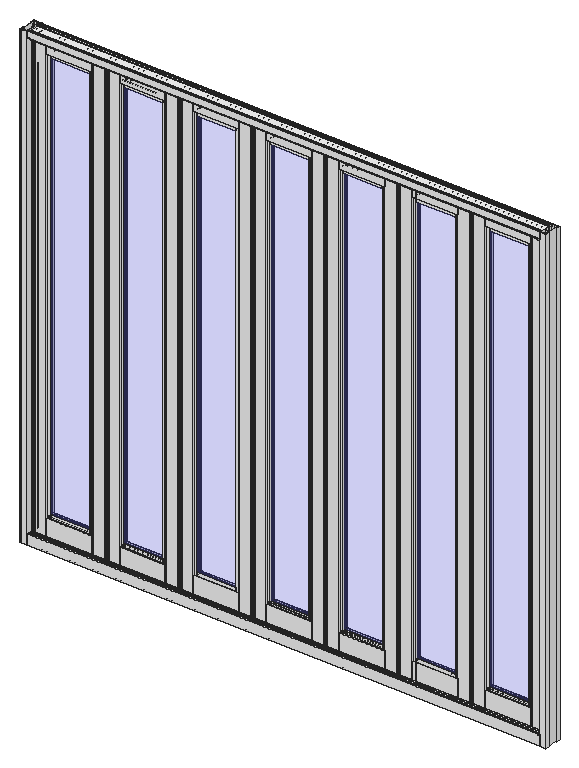
Revit family "Vistafold_Sliding_Folding_7_Standard", category Doors, host Wall, Revit 2014
Parameters (values of type "Vistafold-7-2421-1000Pa")
  Windload Design = if(Custom Windload < 1001 mm, 1000 mm, if(Custom Windload < 1501 mm, 1500 mm, 1500 mm))  # 1000 mm
  Width Sash [instance] = 328.286 mm
  Width = if(Custom Door Width < Limit Door Width Min, Limit Door Width Min, if(Custom Door Width > Limit Door Width Max, Limit Door Width Max, Custom Door Width))  # 2390 mm
  Wall Thickness [instance] = 200 mm
  URL = "http://www.crealco.co.za/crealco-products.php"
  Toughened Safety U Value = 6.39
  Toughened Safety SHGC Value = 0.486
  Thickness = 758 mm
  Thermal Resistance (R) [instance] = if(IGDB or SAGDB Number = 1000016, 1.0000 (m²·K)/W / Toughened Safety U Value, if(IGDB or SAGDB Number = 100100, 1.0000 (m²·K)/W / Intruderprufe U Value, if(IGDB or SAGDB Number = 103200, 1.0000 (m²·K)/W / Intruderprufe LowE U Value, if(IGDB or SAGDB Number = 105003, 1.0000 (m²·K)/W / Intruderprufe Insulated U Value, if(IGDB or SAGDB Number = 105004, 1.0000 (m²·K)/W / Intruderprufe Insulated LowE U Value, 1.0000 (m²·K)/W / 7.9))))) * 1  # 0.126582 (m²·K)/W
  Solar Heat Gain Coefficient [instance] = if(IGDB or SAGDB Number = 1000016, Toughened Safety SHGC Value, if(IGDB or SAGDB Number = 100100, Intruderprufe SHGC Value, if(IGDB or SAGDB Number = 103200, Intruderprufe LowE SHGC Value, if(IGDB or SAGDB Number = 105003, Intruderprufe Insulated SHGC Value, if(IGDB or SAGDB Number = 105004, Intruderprufe Insulated LowE SHGC Value, 0)))))  # 0
  Single Glazing [instance] = not(Double Glazing)  # yes
  Sash Width = (Width - (2 * Sash Side Gap) - ((Number Of Sash Inserts - 1) * Sash Spacing Gap)) / Number Of Sash Inserts  # 328.286 mm
  Sash Spacing Gap = 4 mm  # constant formula
  Sash Height = Height - Sash Top Gap - Sash Bottom Gap  # 2023 mm
  Sash Top Gap = 34 mm  # constant formula
  Sash Side Gap = 34 mm  # constant formula
  Sash Frame Seal = 3.4 mm  # constant formula
  Sash Bottom Gap = 33 mm  # constant formula
  Rough Width = 2.5 mm
  Overall Width [instance] = 2390 mm
  Overall Height [instance] = 2090 mm
  Number Of Sash Inserts = 7  # constant formula
  Model = "Vistafold"  # constant formula
  Max System DG Unit Thickness = 25 mm  # constant formula
  Max System DG One Piece Thickness = rounddown((Max System DG Unit Thickness - DG Air Gap Thickness) / 2 mm) * 1 mm  # 6 mm
  Max Pane Area = (Sash Width - (2 * 38.7 mm)) * (Sash Height - (2 * 38.7 mm))  # 0.488123 m²
  Manufacturer = "Crealco"  # constant formula
  Limit Door Width Min = (Limit Sash Width Min * Number Of Sash Inserts) + (2 * Sash Side Gap) + ((Number Of Sash Inserts - 1) * Sash Spacing Gap)  # 2192 mm
  Limit Door Width Max = (Limit Sash Width Max * Number Of Sash Inserts) + (2 * Sash Side Gap) + ((Number Of Sash Inserts - 1) * Sash Spacing Gap)  # 6392 mm
  Limit Door Height Min = Limit Sash Height Min + Sash Bottom Gap + Sash Top Gap  # 367 mm
  Limit Door Height Max = Limit Sash Height Max + Sash Bottom Gap + Sash Top Gap  # 2467 mm
  Limit Sash Width Min = 300 mm  # constant formula
  Limit Sash Width Max = if(Windload Design = 1000 mm, if(not(Height - Sash Top Gap - Sash Bottom Gap > 2100 mm), 900 mm, 600 mm), 600 mm)  # 900 mm
  Limit Sash Height Min = 300 mm  # constant formula
  Limit Sash Height Max = if(Windload Design = 1000 mm, 2400 mm, 2100 mm)  # 2400 mm
  Intruderprufe U Value = 6.3
  Intruderprufe SHGC Value = 0.46
  Intruderprufe LowE U Value = 5.26
  Intruderprufe LowE SHGC Value = 0.401
  Intruderprufe Insulated U Value = 4.72
  Intruderprufe Insulated SHGC Value = 0.399
  Intruderprufe Insulated LowE U Value = 4.4
  Intruderprufe Insulated LowE SHGC Value = 0.631
  IGDB or SAGDB Number = 0
  Height Sash [instance] = 2023 mm
  Height = if(Custom Door Height < Limit Door Height Min, Limit Door Height Min, if(Custom Door Height > Limit Door Height Max, Limit Door Height Max, Custom Door Height))  # 2090 mm
  Heat Transfer Coefficient (U) [instance] = if(IGDB or SAGDB Number = 1000016, Toughened Safety U Value, if(IGDB or SAGDB Number = 100100, Intruderprufe U Value, if(IGDB or SAGDB Number = 103200, Intruderprufe LowE U Value, if(IGDB or SAGDB Number = 105003, Intruderprufe Insulated U Value, if(IGDB or SAGDB Number = 105004, Intruderprufe Insulated LowE U Value, 7.9))))) * 1.0000 W/(m²·K)  # 7.9000 W/(m²·K)
  Glazing Thickness DG [instance] = if(IGDB or SAGDB Number = 105003, 6 mm, if(IGDB or SAGDB Number = 105004, 7 mm, if(DG Thickness Calc > Max System DG One Piece Thickness, Max System DG One Piece Thickness, DG Thickness Calc)))  # 6 mm
  Glazing Thickness SG [instance] = if(IGDB or SAGDB Number = 1000016, 5 mm, if(IGDB or SAGDB Number = 100100, 6 mm, if(IGDB or SAGDB Number = 103200, 7 mm, if(not(Max Pane Area > 0.75 m²), 4 mm, if(not(Max Pane Area > 1.50 m²), 4 mm, if(not(Max Pane Area > 2.10 m²), 5 mm, if(not(Max Pane Area > 2.90 m²), 6.4 mm, if(not(Max Pane Area > 4.30 m²), 8 mm, 10 mm))))))))  # 4 mm
  Glazing Material [instance] = if(IGDB or SAGDB Number = 1000016, "PFG TOUGHENED SAFETY GLASS 5mm", if(IGDB or SAGDB Number = 100100, "PFG INTRUDERPRUFE 6.38mm", if(IGDB or SAGDB Number = 103200, "PFG INTRUDERPRUFE LOW-E 7.38mm", if(IGDB or SAGDB Number = 105003, "PFG 25mm INTRUDERPRUFE INSULATED GLASS", if(IGDB or SAGDB Number = 105004, "PFG 25mm INTRUDERPRUFE INSULATED GLASS LOW-E", "Unknown")))))  # "Unknown"
  Glazing Finish [instance] = Glass
  Glazing Code [instance] = if(IGDB or SAGDB Number = 1000016, "TSG5", if(IGDB or SAGDB Number = 100100, "LAM01", if(IGDB or SAGDB Number = 103200, "LAM01E", if(IGDB or SAGDB Number = 105003, "IGU25", if(IGDB or SAGDB Number = 105004, "IGU25E", "Unknown")))))  # "Unknown"
  Frame Thickness = 75 mm  # constant formula
  Frame Offset From Exterior [instance] = Frame Thickness / 2  # 37.5 mm
  Double Glazing Gasket Material = Double Glazing Gasket Material
  Double Glazing [instance] = no
  Description = "Sliding folding door, 7 panel"  # constant formula
  Default Sill Height = 0 mm  # constant formula
  Wall Closure = By host
  DG Thickness Calc = if(not(Max Pane Area > 1.125 m²), 6 mm, if(not(Max Pane Area > 2.25 m²), 6 mm, if(not(Max Pane Area > 3.15 m²), 6 mm, if(not(Max Pane Area > 4.35 m²), 6 mm, if(not(Max Pane Area > 6.45 m²), 8 mm, 10 mm)))))  # 6 mm
  DG Air Gap Thickness = 12 mm  # constant formula
  Custom Door Width = 2390 mm
  Custom Door Height = 2090 mm
  Custom Windload = 1000 mm
  Custom Frame Offset From Exterior = 0 mm
  Centered In Wall = yes
  Aluminium Finish [instance] = White Powder Coated Aluminium ANP 1052
  All Available Glazing Numbers = "The rows below list the available glazing materials for this window:"  # constant formula
  105004 [instance] = "IGU25E"  # constant formula
  105003 [instance] = "IGU25"  # constant formula
  103200 [instance] = "LAM01E"  # constant formula
  100100 [instance] = "LAM01"  # constant formula
  1000016 [instance] = "TSG5"  # constant formula
Reference planes
  plane 1 "Center (Front/Back)": y = 0
  plane 2 "Center (Left/Right)": x = 0
  plane 3 "Left": x = -1195
  plane 4 "Right": x = 1195
  plane 5 "Sill": z = 0
  plane 6 "Head": z = 2090
  plane 7 "Exterior": y = 100
  plane 8 "Interior": y = -100
Lines and regions (mm)
  Opening 1
    outline origin (3500, -100, 0) x (1, 0, 0) y (0, 0, 1)
      loop
        line (-2305, 0) -> (-2305, 2090) -> (-4695, 2090) -> (-4695, 0) -> (-2305, 0)
Text (mm)
  text "EXTERIOR" at (-1963.203, 1332.353, 0), in view "Ref. Level"
  text "INTERIOR" at (-1981.466, -818.386, 0), in view "Ref. Level"
  text "Exterior" at (0, 923.751, 2943.296), in view "Right"
  text "Exterior" at (0, 1040.484, 2685.409), in view "Left"
Dimensions and locks
  equal spacing: plane 3 "Left", plane 2 "Center (Left/Right)", plane 4 "Right"
  "Width": plane 3 "Left" to plane 4 "Right"
  "Height": plane 5 "Sill" to plane 6 "Head"
  "Default Sill Height": plane 5 "Sill" to level
  locked: plane 7 "Exterior" to host wall at 0
  locked: plane 8 "Interior" to host wall
  "Overall Height": plane 6 "Head" to plane 5 "Sill"
  "Overall Width": plane 3 "Left" to plane 4 "Right"
  "Frame Offset From Exterior": host wall to nested 1
  "Sash Side Gap": plane 3 "Left" to nested 2
  "Sash Top Gap": nested 2 to plane 6 "Head"
  "Sash Top Gap": nested 3 to plane 6 "Head"
  "Sash Top Gap": nested 4 to plane 6 "Head"
  "Sash Spacing Gap": nested 2 to nested 3
  "Sash Spacing Gap": nested 3 to nested 4
  "Height Sash": nested 4 to nested 4
  "Width Sash": nested 4 to nested 4
  "Sash Top Gap": nested 8 to plane 6 "Head"
  "Sash Spacing Gap": nested 4 to nested 8
  "Sash Top Gap": nested 10 to plane 6 "Head"
  "Sash Spacing Gap": nested 8 to nested 10
  "Sash Top Gap": nested 12 to plane 6 "Head"
  "Sash Spacing Gap": nested 10 to nested 12
  "Sash Top Gap": nested 14 to plane 6 "Head"
  "Sash Spacing Gap": nested 12 to nested 14
  aligned and locked: nested 1 to plane 6 "Head"
  aligned and locked: nested 1 to plane 4 "Right"
  aligned and locked: nested 2 to nested 1
  aligned and locked: nested 3 to nested 1
  aligned and locked: nested 4 to nested 1
  aligned and locked: nested 1 to nested 8
  aligned and locked: nested 10 to nested 1
  aligned and locked: nested 12 to nested 1
  aligned and locked: nested 14 to nested 1
Automatic sketch dimensions
  plane 3 "Left" to Opening 1 sketch curve = 0 mm
  plane 4 "Right" to Opening 1 sketch curve = 0 mm
  Opening 1 sketch curve to plane 5 "Sill" = 0 mm
  Opening 1 sketch curve to plane 6 "Head" = 0 mm
Nested families
  nested 1: "Vistafold_Frame_7_Std" at (1240, -59.088, -88.811) x (-1, 0, 0) z (0, 0, 1), Width <- "Width", Height <- "Height", Profile Material <- "Aluminium Finish", type "Vistafold_Frame_7_Std"
    with Width 2390 mm, Profile Material White Powder Coated Aluminium ANP 1052, Length Jamb 2090 mm, Length Head & Sill 2330 mm, Height 2090 mm
  nested 2: "Vistafold_Sash_Insert_7_Std" at (-832.714, -6.496, 33) x (-1, 0, 0) z (0, 0, 1), Profile Material <- "Aluminium Finish", Glazing Material <- "Glazing Finish", Double Glazing Gasket Material <- "Double Glazing Gasket Material", Sash Width <- "Sash Width", Sash Height <- "Sash Height", Glazing Thickness DG <- "Glazing Thickness DG", Glazing Thickness SG <- "Glazing Thickness SG", DG Gasket Thickness <- "DG Air Gap Thickness", Double Glazing <- "Double Glazing", type "Vistafold_Sash_Insert_7_Std"
    with Single Glazing yes, Sash Width 328.286 mm, Sash Height 2023 mm, SG Exterior Offset 12.35 mm, Right Sliding Folding no, Right Hinged no, Profile Material White Powder Coated Aluminium ANP 1052, Length Jamb 2023 mm, Length Head and Sill 208.286 mm, Left Sliding Folding yes, Left Hinged no, Jamb Woodpile Right no, Jamb Woodpile Left no, Jamb Stile Right no, Jamb Stile Left yes, Jamb Astragal Right yes, Jamb Astragal Left no, Is Sliding yes, Glazing Width 198.286 mm, Glazing Thickness SG 4 mm, Glazing Thickness DG 6 mm, Glazing Material Glass, Glazing Height 1878 mm, Double Glazing Gasket Material Double Glazing Gasket Material, Double Glazing no, DG Gasket Thickness 12 mm, DG Exterior Offset 10.3 mm, Bead Width 208.286 mm, Bead Height 1888 mm
  nested 3: "Vistafold_Sash_Insert_7_Std" at (-500.429, -6.496, 33) x (-1, 0, 0) z (0, 0, 1), Profile Material <- "Aluminium Finish", Glazing Material <- "Glazing Finish", Double Glazing Gasket Material <- "Double Glazing Gasket Material", Sash Width <- "Sash Width", Sash Height <- "Sash Height", Glazing Thickness DG <- "Glazing Thickness DG", Glazing Thickness SG <- "Glazing Thickness SG", DG Gasket Thickness <- "DG Air Gap Thickness", Double Glazing <- "Double Glazing", type "Vistafold_Sash_Insert_7_Std"
    with Single Glazing yes, Sash Width 328.286 mm, Sash Height 2023 mm, SG Exterior Offset 12.35 mm, Right Sliding Folding no, Right Hinged no, Profile Material White Powder Coated Aluminium ANP 1052, Length Jamb 2023 mm, Length Head and Sill 208.286 mm, Left Sliding Folding yes, Left Hinged no, Jamb Woodpile Right yes, Jamb Woodpile Left no, Jamb Stile Right no, Jamb Stile Left yes, Jamb Astragal Right no, Jamb Astragal Left no, Is Sliding yes, Glazing Width 198.286 mm, Glazing Thickness SG 4 mm, Glazing Thickness DG 6 mm, Glazing Material Glass, Glazing Height 1878 mm, Double Glazing Gasket Material Double Glazing Gasket Material, Double Glazing no, DG Gasket Thickness 12 mm, DG Exterior Offset 10.3 mm, Bead Width 208.286 mm, Bead Height 1888 mm
  nested 4: "Vistafold_Sash_Insert_7_Std" at (-168.143, -6.496, 33) x (-1, 0, 0) z (0, 0, 1), Profile Material <- "Aluminium Finish", Glazing Material <- "Glazing Finish", Double Glazing Gasket Material <- "Double Glazing Gasket Material", Sash Width <- "Sash Width", Sash Height <- "Sash Height", Glazing Thickness DG <- "Glazing Thickness DG", Glazing Thickness SG <- "Glazing Thickness SG", DG Gasket Thickness <- "DG Air Gap Thickness", Double Glazing <- "Double Glazing", type "Vistafold_Sash_Insert_7_Std"
    with Single Glazing yes, Sash Width 328.286 mm, Sash Height 2023 mm, SG Exterior Offset 12.35 mm, Right Sliding Folding no, Right Hinged no, Profile Material White Powder Coated Aluminium ANP 1052, Length Jamb 2023 mm, Length Head and Sill 208.286 mm, Left Sliding Folding yes, Left Hinged no, Jamb Woodpile Right yes, Jamb Woodpile Left no, Jamb Stile Right no, Jamb Stile Left yes, Jamb Astragal Right no, Jamb Astragal Left no, Is Sliding yes, Glazing Width 198.286 mm, Glazing Thickness SG 4 mm, Glazing Thickness DG 6 mm, Glazing Material Glass, Glazing Height 1878 mm, Double Glazing Gasket Material Double Glazing Gasket Material, Double Glazing no, DG Gasket Thickness 12 mm, DG Exterior Offset 10.3 mm, Bead Width 208.286 mm, Bead Height 1888 mm
  nested 5: "Vistafold_Single_Glazing_Sliding_Folding_7_Std" at (-1096, 5.854, 123) x (-1, 0, 0) z (0, 0, 1), type "Vistafold_Single_Glazing_Sliding_Folding_7_Std"
    with Right Sliding Folding no, Right Hinged no, Length Arrow Tip 9.867 mm, Length Arrow Down 16.281 mm, Length Arrow 32.562 mm, Left Sliding Folding yes, Left Hinged no, Is Sliding Folding yes, Half Height 939 mm, Glazing Width 198.286 mm, Glazing Thickness SG 4 mm, Glazing Material Glass, Glazing Height 1878 mm, Double Glazing Gasket Material Double Glazing Gasket Material, Arrow Tip Length 9.867 mm, Arrow Left Gap 82.862 mm, Arrow Bottom Gap 947.14 mm
  nested 6: "Vistafold_Single_Glazing_Sliding_Folding_7_Std" at (-763.714, 5.854, 123) x (-1, 0, 0) z (0, 0, 1), type "Vistafold_Single_Glazing_Sliding_Folding_7_Std"
    with Right Sliding Folding no, Right Hinged no, Length Arrow Tip 9.867 mm, Length Arrow Down 16.281 mm, Length Arrow 32.562 mm, Left Sliding Folding yes, Left Hinged no, Is Sliding Folding yes, Half Height 939 mm, Glazing Width 198.286 mm, Glazing Thickness SG 4 mm, Glazing Material Glass, Glazing Height 1878 mm, Double Glazing Gasket Material Double Glazing Gasket Material, Arrow Tip Length 9.867 mm, Arrow Left Gap 82.862 mm, Arrow Bottom Gap 947.14 mm
  nested 7: "Vistafold_Single_Glazing_Sliding_Folding_7_Std" at (-431.429, 5.854, 123) x (-1, 0, 0) z (0, 0, 1), type "Vistafold_Single_Glazing_Sliding_Folding_7_Std"
    with Right Sliding Folding no, Right Hinged no, Length Arrow Tip 9.867 mm, Length Arrow Down 16.281 mm, Length Arrow 32.562 mm, Left Sliding Folding yes, Left Hinged no, Is Sliding Folding yes, Half Height 939 mm, Glazing Width 198.286 mm, Glazing Thickness SG 4 mm, Glazing Material Glass, Glazing Height 1878 mm, Double Glazing Gasket Material Double Glazing Gasket Material, Arrow Tip Length 9.867 mm, Arrow Left Gap 82.862 mm, Arrow Bottom Gap 947.14 mm
  nested 8: "Vistafold_Sash_Insert_7_Std" at (164.143, -6.5, 33) x (-1, 0, 0) z (0, 0, 1), Profile Material <- "Aluminium Finish", Glazing Material <- "Glazing Finish", Double Glazing Gasket Material <- "Double Glazing Gasket Material", Sash Width <- "Sash Width", Sash Height <- "Sash Height", Glazing Thickness DG <- "Glazing Thickness DG", Glazing Thickness SG <- "Glazing Thickness SG", DG Gasket Thickness <- "DG Air Gap Thickness", Double Glazing <- "Double Glazing", type "Vistafold_Sash_Insert_7_Std"
    with Single Glazing yes, Sash Width 328.286 mm, Sash Height 2023 mm, SG Exterior Offset 12.35 mm, Right Sliding Folding no, Right Hinged no, Profile Material White Powder Coated Aluminium ANP 1052, Length Jamb 2023 mm, Length Head and Sill 208.286 mm, Left Sliding Folding yes, Left Hinged no, Jamb Woodpile Right yes, Jamb Woodpile Left no, Jamb Stile Right no, Jamb Stile Left yes, Jamb Astragal Right no, Jamb Astragal Left no, Is Sliding yes, Glazing Width 198.286 mm, Glazing Thickness SG 4 mm, Glazing Thickness DG 6 mm, Glazing Material Glass, Glazing Height 1878 mm, Double Glazing Gasket Material Double Glazing Gasket Material, Double Glazing no, DG Gasket Thickness 12 mm, DG Exterior Offset 10.3 mm, Bead Width 208.286 mm, Bead Height 1888 mm
  nested 9: "Vistafold_Single_Glazing_Sliding_Folding_7_Std" at (-99.143, 5.85, 123) x (-1, 0, 0) z (0, 0, 1), type "Vistafold_Single_Glazing_Sliding_Folding_7_Std"
    with Right Sliding Folding no, Right Hinged no, Length Arrow Tip 9.867 mm, Length Arrow Down 16.281 mm, Length Arrow 32.562 mm, Left Sliding Folding yes, Left Hinged no, Is Sliding Folding yes, Half Height 939 mm, Glazing Width 198.286 mm, Glazing Thickness SG 4 mm, Glazing Material Glass, Glazing Height 1878 mm, Double Glazing Gasket Material Double Glazing Gasket Material, Arrow Tip Length 9.867 mm, Arrow Left Gap 82.862 mm, Arrow Bottom Gap 947.14 mm
  nested 10: "Vistafold_Sash_Insert_7_Std" at (496.429, -6.496, 33) x (-1, 0, 0) z (0, 0, 1), Profile Material <- "Aluminium Finish", Glazing Material <- "Glazing Finish", Double Glazing Gasket Material <- "Double Glazing Gasket Material", Sash Width <- "Sash Width", Sash Height <- "Sash Height", Glazing Thickness DG <- "Glazing Thickness DG", Glazing Thickness SG <- "Glazing Thickness SG", DG Gasket Thickness <- "DG Air Gap Thickness", Double Glazing <- "Double Glazing", type "Vistafold_Sash_Insert_7_Std"
    with Single Glazing yes, Sash Width 328.286 mm, Sash Height 2023 mm, SG Exterior Offset 12.35 mm, Right Sliding Folding no, Right Hinged no, Profile Material White Powder Coated Aluminium ANP 1052, Length Jamb 2023 mm, Length Head and Sill 208.286 mm, Left Sliding Folding yes, Left Hinged no, Jamb Woodpile Right yes, Jamb Woodpile Left no, Jamb Stile Right no, Jamb Stile Left yes, Jamb Astragal Right no, Jamb Astragal Left no, Is Sliding yes, Glazing Width 198.286 mm, Glazing Thickness SG 4 mm, Glazing Thickness DG 6 mm, Glazing Material Glass, Glazing Height 1878 mm, Double Glazing Gasket Material Double Glazing Gasket Material, Double Glazing no, DG Gasket Thickness 12 mm, DG Exterior Offset 10.3 mm, Bead Width 208.286 mm, Bead Height 1888 mm
  nested 11: "Vistafold_Single_Glazing_Sliding_Folding_7_Std" at (233.143, 5.854, 123) x (-1, 0, 0) z (0, 0, 1), type "Vistafold_Single_Glazing_Sliding_Folding_7_Std"
    with Right Sliding Folding no, Right Hinged no, Length Arrow Tip 9.867 mm, Length Arrow Down 16.281 mm, Length Arrow 32.562 mm, Left Sliding Folding yes, Left Hinged no, Is Sliding Folding yes, Half Height 939 mm, Glazing Width 198.286 mm, Glazing Thickness SG 4 mm, Glazing Material Glass, Glazing Height 1878 mm, Double Glazing Gasket Material Double Glazing Gasket Material, Arrow Tip Length 9.867 mm, Arrow Left Gap 82.862 mm, Arrow Bottom Gap 947.14 mm
  nested 12: "Vistafold_Sash_Insert_7_Std" at (828.714, -6.496, 33) x (-1, 0, 0) z (0, 0, 1), Profile Material <- "Aluminium Finish", Glazing Material <- "Glazing Finish", Double Glazing Gasket Material <- "Double Glazing Gasket Material", Sash Width <- "Sash Width", Sash Height <- "Sash Height", Glazing Thickness DG <- "Glazing Thickness DG", Glazing Thickness SG <- "Glazing Thickness SG", DG Gasket Thickness <- "DG Air Gap Thickness", Double Glazing <- "Double Glazing", type "Vistafold_Sash_Insert_7_Std"
    with Single Glazing yes, Sash Width 328.286 mm, Sash Height 2023 mm, SG Exterior Offset 12.35 mm, Right Sliding Folding no, Right Hinged no, Profile Material White Powder Coated Aluminium ANP 1052, Length Jamb 2023 mm, Length Head and Sill 208.286 mm, Left Sliding Folding yes, Left Hinged no, Jamb Woodpile Right yes, Jamb Woodpile Left no, Jamb Stile Right no, Jamb Stile Left yes, Jamb Astragal Right no, Jamb Astragal Left no, Is Sliding yes, Glazing Width 198.286 mm, Glazing Thickness SG 4 mm, Glazing Thickness DG 6 mm, Glazing Material Glass, Glazing Height 1878 mm, Double Glazing Gasket Material Double Glazing Gasket Material, Double Glazing no, DG Gasket Thickness 12 mm, DG Exterior Offset 10.3 mm, Bead Width 208.286 mm, Bead Height 1888 mm
  nested 13: "Vistafold_Single_Glazing_Sliding_Folding_7_Std" at (565.429, 5.854, 123) x (-1, 0, 0) z (0, 0, 1), type "Vistafold_Single_Glazing_Sliding_Folding_7_Std"
    with Right Sliding Folding no, Right Hinged no, Length Arrow Tip 9.867 mm, Length Arrow Down 16.281 mm, Length Arrow 32.562 mm, Left Sliding Folding yes, Left Hinged no, Is Sliding Folding yes, Half Height 939 mm, Glazing Width 198.286 mm, Glazing Thickness SG 4 mm, Glazing Material Glass, Glazing Height 1878 mm, Double Glazing Gasket Material Double Glazing Gasket Material, Arrow Tip Length 9.867 mm, Arrow Left Gap 82.862 mm, Arrow Bottom Gap 947.14 mm
  nested 14: "Vistafold_Sash_Insert_7_Std" at (1161, -6.496, 33) x (-1, 0, 0) z (0, 0, 1), Profile Material <- "Aluminium Finish", Glazing Material <- "Glazing Finish", Double Glazing Gasket Material <- "Double Glazing Gasket Material", Sash Width <- "Sash Width", Sash Height <- "Sash Height", Glazing Thickness DG <- "Glazing Thickness DG", Glazing Thickness SG <- "Glazing Thickness SG", DG Gasket Thickness <- "DG Air Gap Thickness", Double Glazing <- "Double Glazing", type "Vistafold_Sash_Insert_7_Std"
    with Single Glazing yes, Sash Width 328.286 mm, Sash Height 2023 mm, SG Exterior Offset 12.35 mm, Right Sliding Folding no, Right Hinged no, Profile Material White Powder Coated Aluminium ANP 1052, Length Jamb 2023 mm, Length Head and Sill 208.286 mm, Left Sliding Folding yes, Left Hinged no, Jamb Woodpile Right yes, Jamb Woodpile Left no, Jamb Stile Right no, Jamb Stile Left yes, Jamb Astragal Right no, Jamb Astragal Left no, Is Sliding yes, Glazing Width 198.286 mm, Glazing Thickness SG 4 mm, Glazing Thickness DG 6 mm, Glazing Material Glass, Glazing Height 1878 mm, Double Glazing Gasket Material Double Glazing Gasket Material, Double Glazing no, DG Gasket Thickness 12 mm, DG Exterior Offset 10.3 mm, Bead Width 208.286 mm, Bead Height 1888 mm
  nested 15: "Vistafold_Single_Glazing_Sliding_Folding_7_Std" at (897.714, 5.854, 123) x (-1, 0, 0) z (0, 0, 1), type "Vistafold_Single_Glazing_Sliding_Folding_7_Std"
    with Right Sliding Folding no, Right Hinged no, Length Arrow Tip 9.867 mm, Length Arrow Down 16.281 mm, Length Arrow 32.562 mm, Left Sliding Folding yes, Left Hinged no, Is Sliding Folding yes, Half Height 939 mm, Glazing Width 198.286 mm, Glazing Thickness SG 4 mm, Glazing Material Glass, Glazing Height 1878 mm, Double Glazing Gasket Material Double Glazing Gasket Material, Arrow Tip Length 9.867 mm, Arrow Left Gap 82.862 mm, Arrow Bottom Gap 947.14 mm
Definition of nested family "Vistafold_Frame_7_Std"
  Parameters (values of type "Vistafold_Frame")
    Width [instance] = 900 mm
    Profile Material [instance] = none
    Length Jamb [instance] = Height  # 600 mm
    Length Head & Sill [instance] = Width - (2 * Jamb Thickness)  # 840 mm
    Jamb Thickness = 30 mm  # constant formula
    Height [instance] = 600 mm
  Reference planes
    plane 1 "Center (Front/Back)": y = 0
    plane 2: z = 0
    plane 3 "Center (Left/Right)": x = 0
  Dimensions and locks
    aligned and locked: level to plane 2
    aligned and locked: nested 1 to nested 2
    aligned and locked: nested 2 to nested 1  (x2)
    aligned and locked: nested 1 to nested 4
    aligned and locked: nested 4 to nested 1  (x2)
    aligned and locked: nested 1 to nested 3
    aligned and locked: nested 3 to nested 2  (x2)
  Nested families
    nested 1: "Vistafold_Frame_Sill" at (75, -135.045, 65.947), Profile Material <- "Profile Material", Length Sill <- "Length Head & Sill", type "Vistafold_Frame_Sill"
      with Profile Material none, Length Sill 840 mm, Floortrack Start -840 mm
    nested 2: "Vistafold_Frame_Jamb" at (39.622, -105, 88.811), Profile Material <- "Profile Material", Length Jamb <- "Length Jamb", type "Vistafold_Frame_Jamb"
      with Profile Material none, Length Jamb 600 mm
    nested 3: "Vistafold_Frame_Head" at (75, -121.445, 230.545), Profile Material <- "Profile Material", Length Head <- "Length Head & Sill", type "Vistafold_Frame_Head"
      with Profile Material none, Length Head 840 mm
    nested 4: "Vistafold_Frame_Jamb" at (950.378, -105, 88.811) x (-1, 0, 0) z (0, 0, 1), Profile Material <- "Profile Material", Length Jamb <- "Length Jamb", type "Vistafold_Frame_Jamb"
      with Profile Material none, Length Jamb 600 mm
  Definition of nested family "Vistafold_Frame_Sill"
    Parameters (values of type "Vistafold_Frame_Sill")
      Profile Material [instance] = none
      Length Sill [instance] = 250 mm
      Floortrack Start [instance] = -Length Sill  # -250 mm
    Reference planes
      plane 1 "Center (Front/Back)": y = 0
      plane 2: z = 0
      plane 3 "Center (Left/Right)": x = 0
    Forms (mm)
      Extrusion 1, solid, material <- "Profile Material"
        sketch origin (0, 0, 0) x (0, 1, 0) y (0, 0, 1)
          loop
            line (75.282, 44.856) -> (66.006, 43.368) -> (66.006, 40.864) -> (39.406, 40.864) -> (39.406, 43.364) -> (38.456, 43.364) -> (38.456, 22.864) -> (40.456, 22.864) -> (40.456, 24.864) -> (62.456, 24.864) -> (62.456, 22.864) -> (64.456, 22.864) -> (64.456, 24.864) -> (86.456, 24.864) -> (86.456, 22.864) -> (88.456, 22.864) -> (88.456, 24.864) -> (111.456, 24.864) -> (111.456, 22.864) -> (113.456, 22.864) -> (113.456, 67.364)
            arc (113.456, 67.364) -> (113.31, 67.718) -> (112.956, 67.864) r 0.5
            line (112.956, 67.864) -> (108.156, 67.864) -> (107.449, 67.364) -> (102.48, 67.364) -> (101.773, 67.864) -> (98.156, 67.864) -> (97.449, 67.364) -> (92.48, 67.364) -> (91.773, 67.864) -> (86.956, 67.864)
            arc (86.956, 67.864) -> (86.603, 67.718) -> (86.456, 67.364) r 0.5
            line (86.456, 67.364) -> (86.456, 64.614) -> (87.456, 64.614) -> (87.456, 66.214) -> (89.056, 66.214) -> (89.056, 58.514) -> (87.456, 58.514) -> (87.456, 60.114) -> (86.456, 60.114) -> (86.456, 34.764)
            arc (86.456, 34.764) -> (86.017, 33.703) -> (84.956, 33.264) r 1.5
            line (84.956, 33.264) -> (78.956, 33.264)
            arc (78.956, 33.264) -> (77.896, 33.703) -> (77.456, 34.764) r 1.5
            line (77.456, 34.764) -> (77.456, 42.864)
            arc (77.456, 42.864) -> (76.808, 44.339) -> (75.282, 44.856) r 2
          loop
            line (75.456, 34.764) -> (75.456, 42.921) -> (68.006, 41.493) -> (68.006, 38.864) -> (40.456, 38.864) -> (40.456, 27.064) -> (86.456, 27.064) -> (86.456, 31.264) -> (78.956, 31.264)
            arc (78.956, 31.264) -> (76.482, 32.289) -> (75.456, 34.764) r 3.5
          loop
            line (111.456, 27.064) -> (111.456, 65.864) -> (91.056, 65.864) -> (91.056, 56.864) -> (88.456, 56.864) -> (88.456, 27.064) -> (111.456, 27.064)
        from 0 to 250 <- "Length Sill"
      Extrusion 2, solid
        sketch origin (250, 0, 0) x (0, 1, 0) y (0, 0, 1)
          loop
            line (50.256, 48.118) -> (50.256, 43.364) -> (40.006, 43.364) -> (40.006, 40.864) -> (66.006, 40.864) -> (66.006, 43.364) -> (55.756, 43.364) -> (55.756, 48.118)
            arc (55.756, 48.118) -> (53.006, 50.868) -> (50.256, 48.118) r 2.75
        from -250 <- "Floortrack Start" to 0
    Dimensions and locks
      aligned and locked: level to plane 2
  Definition of nested family "Vistafold_Frame_Jamb"
    Parameters (values of type "Vistafold_Frame_Jamb")
      Profile Material [instance] = none
      Length Jamb [instance] = 250 mm
      Cut Height = 45 mm  # constant formula
    Reference planes
      plane 1 "Center (Front/Back)": y = 0
      plane 2: z = 0
      plane 3 "Center (Left/Right)": x = 0
    Forms (mm)
      Extrusion 1, solid, material <- "Profile Material"
        sketch origin (0, 0, 0) x (1, 0, 0) y (0, 1, 0)
          loop
            line (49.878, 60.812) -> (35.378, 60.812) -> (35.378, 83.412) -> (5.378, 83.412) -> (5.378, 67.912) -> (6.878, 67.912) -> (6.878, 70.412) -> (9.878, 70.412) -> (9.878, 21.412) -> (6.878, 21.412) -> (6.878, 23.912) -> (5.378, 23.912) -> (5.378, 8.412) -> (35.378, 8.412) -> (35.378, 11.512) -> (34.378, 11.512) -> (34.378, 10.012) -> (32.878, 10.012) -> (32.878, 17.612) -> (34.378, 17.612) -> (34.378, 16.112) -> (35.378, 16.112) -> (35.378, 30.312) -> (35.378, 44.712) -> (34.378, 44.712) -> (34.378, 43.212) -> (32.878, 43.212) -> (32.878, 50.812) -> (34.378, 50.812) -> (34.378, 49.312) -> (35.378, 49.312) -> (35.378, 59.012) -> (39.378, 59.012) -> (39.378, 56.912)
            arc (39.378, 56.912) -> (39.524, 56.558) -> (39.878, 56.412) r 0.5
            line (39.878, 56.412) -> (42.628, 56.412) -> (42.628, 57.412) -> (41.028, 57.412) -> (41.028, 59.012) -> (48.728, 59.012) -> (48.728, 57.412) -> (47.128, 57.412) -> (47.128, 56.412) -> (49.878, 56.412)
            arc (49.878, 56.412) -> (50.231, 56.558) -> (50.378, 56.912) r 0.5
            line (50.378, 56.912) -> (50.378, 60.312)
            arc (50.378, 60.312) -> (50.231, 60.665) -> (49.878, 60.812) r 0.5
          loop
            line (32.078, 52.412) -> (33.578, 52.412) -> (33.578, 81.412) -> (7.378, 81.412) -> (7.378, 72.212) -> (10.278, 72.212)
            arc (10.278, 72.212) -> (11.268, 71.802) -> (11.678, 70.812) r 1.4
            line (11.678, 70.812) -> (11.678, 21.012)
            arc (11.678, 21.012) -> (11.268, 20.022) -> (10.278, 19.612) r 1.4
            line (10.278, 19.612) -> (7.378, 19.612) -> (7.378, 10.412) -> (31.078, 10.412) -> (31.078, 18.212)
            arc (31.078, 18.212) -> (31.371, 18.919) -> (32.078, 19.212) r 1
            line (32.078, 19.212) -> (33.378, 19.212) -> (33.378, 30.312) -> (33.378, 41.612) -> (32.078, 41.612)
            arc (32.078, 41.612) -> (31.371, 41.904) -> (31.078, 42.612) r 1
            line (31.078, 42.612) -> (31.078, 51.412)
            arc (31.078, 51.412) -> (31.371, 52.119) -> (32.078, 52.412) r 1
        from 0 to 250 <- "Length Jamb"
      Extrusion 2, void
        sketch origin (35.378, 83.112, 0) x (0, 1, 0) y (0, 0, -1)
          loop
            line (-22.3, -250) -> (-22.3, -205) -> (-26.7, -205) -> (-26.7, -250) -> (-22.3, -250)
          loop
            line (-22.3, 0) -> (-26.7, 0) -> (-26.7, -45) -> (-22.3, -45) -> (-22.3, 0)
        from -50 to 0
    Cuts and joins
      Extrusion 2 cuts Extrusion 1
    Dimensions and locks
      "Cut Height": Extrusion 1 to Extrusion 2 sketch curve  (x2)
      aligned and locked: level to plane 2
      aligned and locked: Extrusion 1 to Extrusion 2 sketch curve  (x2)
      aligned and locked: Extrusion 2 sketch curve to Extrusion 1  (x4)
    Automatic sketch dimensions
      plane 3 "Center (Left/Right)" to Extrusion 1 sketch curve = 5.378 mm  (x2)
      Extrusion 1 sketch curve to Extrusion 1 sketch curve = 1.5 mm  (x10)
      Extrusion 1 sketch curve to Extrusion 1 sketch curve = 2 mm  (x2)
      Extrusion 1 sketch curve to Extrusion 1 sketch curve = 0.5 mm  (x4)
      Extrusion 1 sketch curve to Extrusion 1 sketch curve = 3 mm
      Extrusion 1 sketch curve to Extrusion 1 sketch curve = 0.4 mm  (x5)
      Extrusion 1 sketch curve to Extrusion 1 sketch curve = 1.4 mm
      Extrusion 1 sketch curve to Extrusion 1 sketch curve = 19.4 mm  (x2)
      Extrusion 1 sketch curve to plane 1 "Center (Front/Back)" = 10.412 mm
      Extrusion 1 sketch curve to Extrusion 1 sketch curve = 1 mm  (x7)
      Extrusion 1 sketch curve to Extrusion 1 sketch curve = 1.8 mm  (x2)
      Extrusion 1 sketch curve to Extrusion 1 sketch curve = 0.8 mm
      Extrusion 1 sketch curve to Extrusion 1 sketch curve = 1.3 mm  (x2)
      Extrusion 1 sketch curve to Extrusion 1 sketch curve = 21.9 mm
      Extrusion 1 sketch curve to Extrusion 1 sketch curve = 4 mm
      Extrusion 1 sketch curve to Extrusion 1 sketch curve = 1.65 mm
      Extrusion 1 sketch curve to Extrusion 1 sketch curve = 1.6 mm  (x5)
      Extrusion 1 sketch curve to Extrusion 1 sketch curve = 4.5 mm
      Extrusion 1 sketch curve to Extrusion 1 sketch curve = 1.15 mm  (x2)
      Extrusion 1 sketch curve to Extrusion 1 sketch curve = 4.6 mm  (x2)
      Extrusion 1 sketch curve to Extrusion 1 sketch curve = 0.6 mm  (x2)
      Extrusion 1 sketch curve to Extrusion 1 sketch curve = 9.2 mm  (x2)
      Extrusion 1 sketch curve to Extrusion 1 sketch curve = 2.5 mm  (x2)
      Extrusion 1 sketch curve to Extrusion 1 sketch curve = 11.1 mm
      Extrusion 1 sketch curve to Extrusion 1 sketch curve = 0 mm  (x2)
      Extrusion 1 sketch curve to Extrusion 1 sketch curve = 11.3 mm
      Extrusion 1 sketch curve to Extrusion 1 sketch curve = 7.1 mm
      Extrusion 1 sketch curve to Extrusion 1 sketch curve = 2.1 mm
      Extrusion 1 sketch curve to Extrusion 1 sketch curve = 16.5 mm
  Definition of nested family "Vistafold_Frame_Head"
    Parameters (values of type "Vistafold_Frame_Head")
      Profile Material [instance] = none
      Length Head [instance] = 250 mm
    Reference planes
      plane 1 "Center (Front/Back)": y = 0
      plane 2: z = 0
      plane 3 "Center (Left/Right)": x = 0
    Forms (mm)
      Extrusion 1, solid, material <- "Profile Material"
        sketch origin (0, 0, 0) x (0, 1, 0) y (0, 0, 1)
          loop
            arc (36.956, 458.266) -> (36.249, 457.973) -> (35.956, 457.266) r 1
            line (35.956, 457.266) -> (35.956, 445.766)
            arc (35.956, 445.766) -> (35.81, 445.412) -> (35.456, 445.266) r 0.5
            line (35.456, 445.266) -> (27.356, 445.266)
            arc (27.356, 445.266) -> (27.003, 445.412) -> (26.856, 445.766) r 0.5
            line (26.856, 445.766) -> (26.856, 455.766)
            arc (26.856, 455.766) -> (27.003, 456.119) -> (27.356, 456.266) r 0.5
            line (27.356, 456.266) -> (28.856, 456.266) -> (28.856, 458.266) -> (25.856, 458.266)
            arc (25.856, 458.266) -> (25.149, 457.973) -> (24.856, 457.266) r 1
            line (24.856, 457.266) -> (24.856, 429.266)
            arc (24.856, 429.266) -> (25.149, 428.558) -> (25.856, 428.266) r 1
            line (25.856, 428.266) -> (28.106, 428.266) -> (28.106, 429.266) -> (26.506, 429.266) -> (26.506, 430.866) -> (34.206, 430.866) -> (34.206, 429.266) -> (32.606, 429.266) -> (32.606, 428.266) -> (36.456, 428.266)
            arc (36.456, 428.266) -> (37.871, 428.851) -> (38.456, 430.266) r 2
            line (38.456, 430.266) -> (38.456, 451.466)
            arc (38.456, 451.466) -> (38.603, 451.819) -> (38.956, 451.966) r 0.5
            line (38.956, 451.966) -> (55.506, 451.966) -> (55.506, 430.266)
            arc (55.506, 430.266) -> (56.092, 428.851) -> (57.506, 428.266) r 2
            line (57.506, 428.266) -> (75.456, 428.266) -> (75.456, 424.266) -> (73.356, 424.266)
            arc (73.356, 424.266) -> (73.003, 424.119) -> (72.856, 423.766) r 0.5
            line (72.856, 423.766) -> (72.856, 421.016) -> (73.856, 421.016) -> (73.856, 422.616) -> (75.456, 422.616) -> (75.456, 414.916) -> (73.856, 414.916) -> (73.856, 416.516) -> (72.856, 416.516) -> (72.856, 413.766)
            arc (72.856, 413.766) -> (73.003, 413.412) -> (73.356, 413.266) r 0.5
            line (73.356, 413.266) -> (76.756, 413.266)
            arc (76.756, 413.266) -> (77.11, 413.412) -> (77.256, 413.766) r 0.5
            line (77.256, 413.766) -> (77.256, 428.266) -> (98.856, 428.266)
            arc (98.856, 428.266) -> (99.564, 428.558) -> (99.856, 429.266) r 1
            line (99.856, 429.266) -> (99.856, 458.266) -> (84.356, 458.266) -> (84.356, 456.766) -> (86.856, 456.766) -> (86.856, 453.766) -> (37.856, 453.766) -> (37.856, 456.766) -> (40.356, 456.766) -> (40.356, 458.266) -> (36.956, 458.266)
          loop
            arc (88.656, 453.366) -> (88.246, 452.376) -> (87.256, 451.966) r 1.4
            line (87.256, 451.966) -> (57.506, 451.966) -> (57.506, 430.766)
            arc (57.506, 430.766) -> (57.653, 430.412) -> (58.006, 430.266) r 0.5
            line (58.006, 430.266) -> (97.856, 430.266) -> (97.856, 456.266) -> (88.656, 456.266) -> (88.656, 453.366)
          loop
            line (26.856, 442.766) -> (26.856, 432.466) -> (35.956, 432.466) -> (35.956, 442.766)
            arc (35.956, 442.766) -> (35.81, 443.119) -> (35.456, 443.266) r 0.5
            line (35.456, 443.266) -> (27.356, 443.266)
            arc (27.356, 443.266) -> (27.003, 443.119) -> (26.856, 442.766) r 0.5
        from 0 to 250 <- "Length Head"
    Dimensions and locks
      aligned and locked: level to plane 2
Definition of nested family "Vistafold_Sash_Insert_7_Std"
  Parameters (values of type "Vistafold_Sash_Insert")
    Sill Height = 85 mm  # constant formula
    Jamb Width = 60 mm  # constant formula
    Single Glazing [instance] = not(Double Glazing)  # yes
    Head Height = 50 mm  # constant formula
    SG Exterior Offset [instance] = Back Glazing Pillar Gap + ((SG Available Space - Glazing Thickness SG) / 2)  # 12.35 mm
    SG Available Space = 13.3 mm  # constant formula
    Sash Width [instance] = 900 mm
    Sash Height [instance] = 1200 mm
    Right Sliding Folding [instance] = yes
    Right Hinged [instance] = yes
    Profile Material [instance] = White Powder Coated Aluminium ANP 1052
    Length Jamb [instance] = Sash Height  # 1200 mm
    Length Head and Sill [instance] = Sash Width - (2 * Jamb Width)  # 780 mm
    Left Sliding Folding [instance] = yes
    Left Hinged [instance] = yes
    Is Sliding [instance] = if(or(Right Sliding Folding, Left Sliding Folding), 1 = 1, 1 = 2)  # yes
    Is Hinged = yes
    Glazing Width [instance] = Sash Width - (Glazing Side Gap * 2)  # 770 mm
    Glazing Thickness DG [instance] = 3 mm
    Glazing Thickness SG [instance] = 4 mm
    Glazing Material [instance] = Glass
    Glazing Side Gap = Jamb Width + 5 mm  # 65 mm
    Glazing Height [instance] = Sash Height - Sill Height - Head Height - 10 mm  # 1055 mm
    Glazing Bottom Gap = Sill Height + 5 mm  # 90 mm
    DG Gasket Thickness [instance] = 12 mm
    Double Glazing Gasket Material [instance] = none
    Double Glazing [instance] = no
    DG Exterior Offset [instance] = Back Glazing Pillar Gap + ((DG Available Space - ((Glazing Thickness DG * 2) + DG Gasket Thickness)) / 2)  # 13.3 mm
    DG Available Space = 29.2 mm  # constant formula
    Bead Width [instance] = Sash Width - (2 * Jamb Width)  # 780 mm
    Bead Height [instance] = Sash Height - Sill Height - Head Height  # 1065 mm
    Bead Gap From Exterior = 34 mm  # constant formula
    Back Glazing Pillar Gap = 7.7 mm  # constant formula
    Jamb Stile Left [instance] = no
    Jamb Stile Right [instance] = no
    Jamb Woodpile Left [instance] = no
    Jamb Woodpile Right [instance] = no
    Jamb Astragal Left [instance] = no
    Jamb Astragal Right [instance] = no
  Reference planes
    plane 1 "Center (Front/Back)": y = 0
    plane 2: z = 0
    plane 3 "Center (Left/Right)": x = 0
  Dimensions and locks
    "Glazing Side Gap": plane 3 "Center (Left/Right)" to nested 1
    "SG Exterior Offset": nested 1 to plane 1 "Center (Front/Back)"
    "Glazing Bottom Gap": nested 1 to level
    "Glazing Side Gap": plane 3 "Center (Left/Right)" to nested 2
    "DG Exterior Offset": nested 2 to plane 1 "Center (Front/Back)"
    "Glazing Bottom Gap": nested 2 to level
    "Sash Width": plane 3 "Center (Left/Right)" to nested 4
    "Sash Width": plane 3 "Center (Left/Right)" to nested 5
    "Sash Width": plane 3 "Center (Left/Right)" to nested 6
    "Jamb Width": plane 3 "Center (Left/Right)" to nested 10
    "Jamb Width": plane 3 "Center (Left/Right)" to nested 9
    "Sash Height": nested 9 to level
    "Jamb Width": plane 3 "Center (Left/Right)" to nested 11
    "Bead Gap From Exterior": nested 11 to plane 1 "Center (Front/Back)"
    "Sill Height": nested 11 to level
    "Jamb Width": plane 3 "Center (Left/Right)" to nested 12
    "Bead Gap From Exterior": nested 12 to plane 1 "Center (Front/Back)"
    "Sill Height": nested 12 to level
    aligned and locked: level to plane 2
    aligned and locked: plane 1 "Center (Front/Back)" to nested 3
    aligned and locked: plane 3 "Center (Left/Right)" to nested 3
    aligned and locked: plane 1 "Center (Front/Back)" to nested 4
    aligned and locked: level to nested 3
    aligned and locked: level to nested 4
    aligned and locked: level to nested 5
    aligned and locked: plane 1 "Center (Front/Back)" to nested 5
    aligned and locked: nested 6 to level
    aligned and locked: nested 7 to level
    aligned and locked: nested 8 to level
    aligned and locked: nested 8 to plane 1 "Center (Front/Back)"
    aligned and locked: nested 7 to plane 1 "Center (Front/Back)"
    aligned and locked: nested 6 to plane 1 "Center (Front/Back)"
    aligned and locked: nested 7 to plane 3 "Center (Left/Right)"
    aligned and locked: nested 8 to plane 3 "Center (Left/Right)"
    aligned and locked: nested 10 to plane 1 "Center (Front/Back)"
    aligned and locked: nested 9 to plane 1 "Center (Front/Back)"
    aligned and locked: nested 10 to level
  Nested families
    nested 1: "Vistafold_Single_Glazing_Sliding_Folding_7_Std" at (835, -12.35, 90), Glazing Material <- "Glazing Material", Double Glazing Gasket Material <- "Double Glazing Gasket Material", visible <- "Single Glazing", Glazing Width <- "Glazing Width", Glazing Height <- "Glazing Height", Glazing Thickness SG <- "Glazing Thickness SG", Right Sliding Folding <- "Right Sliding Folding", Right Hinged <- "Right Hinged", Left Sliding Folding <- "Left Sliding Folding", Left Hinged <- "Left Hinged", type "Vistafold_Single_Glazing_Sliding_Folding_7_Std"
      with Right Sliding Folding yes, Right Hinged yes, Length Arrow Tip 67.616 mm, Length Arrow Down 111.567 mm, Length Arrow 223.133 mm, Left Sliding Folding yes, Left Hinged yes, Is Sliding Folding yes, Half Height 527.5 mm, Glazing Width 770 mm, Glazing Thickness SG 4 mm, Glazing Material Glass, Glazing Height 1055 mm, Double Glazing Gasket Material none, Arrow Tip Length 67.616 mm, Arrow Left Gap 273.433 mm, Arrow Bottom Gap 583.283 mm
    nested 2: "Vistafold_Double_Glazing_Sliding_Folding_7_Std" at (835, -13.3, 90), visible <- "Double Glazing", Glazing Material <- "Glazing Material", Double Glazing Gasket Material <- "Double Glazing Gasket Material", Glazing Width <- "Glazing Width", Glazing Height <- "Glazing Height", Glazing Thickness DG <- "Glazing Thickness DG", Double Glazing Gasket Thickness <- "DG Gasket Thickness", Right Sliding Folding <- "Right Sliding Folding", Right Hinged <- "Right Hinged", Left Sliding Folding <- "Left Sliding Folding", Left Hinged <- "Left Hinged", type "Vistafold_Double_Glazing_Sliding_Folding_7_Std"
      with Right Sliding Folding yes, Right Hinged yes, Length Arrow Tip 67.616 mm, Length Arrow Down 111.567 mm, Length Arrow 223.133 mm, Left Sliding Folding yes, Left Hinged yes, Is Sliding Folding yes, Half Height 527.5 mm, Glazing Width 770 mm, Glazing Thickness DG 3 mm, Glazing Material Glass, Glazing Height 1055 mm, Double Glazing Gasket Thickness 12 mm, Double Glazing Gasket Material none, Arrow Tip Length 67.616 mm, Arrow Left Gap 273.433 mm, Arrow Bottom Gap 583.283 mm
    nested 3: "Vistafold_Sash_Jamb" at (-4.68, -59.621, 0) x (0, 1, 0) z (0, 0, 1), Length Jamb <- "Length Jamb", Profile Material <- "Profile Material", visible <- "Jamb Stile Left", type "Vistafold_Sash_Jamb"
      with Profile Material White Powder Coated Aluminium ANP 1052, Length Jamb 1200 mm
    nested 4: "Vistafold_Sash_Jamb_Woodpile" at (921.111, 17.608, 0) x (0, -1, 0) z (0, 0, 1), Length Jamb <- "Length Jamb", Profile Material <- "Profile Material", visible <- "Jamb Woodpile Right", type "Vistafold_Sash_Jamb_Woodpile"
      with Profile Material White Powder Coated Aluminium ANP 1052, Length Jamb 1200 mm
    nested 5: "Vistafold_Sash_Jamb_Astragal" at (919.592, 6.355, 0) x (0, -1, 0) z (0, 0, 1), Length Jamb <- "Length Jamb", Profile Material <- "Profile Material", visible <- "Jamb Astragal Right", type "Vistafold_Sash_Jamb_Astragal"
      with Profile Material White Powder Coated Aluminium ANP 1052, Length Jamb 1200 mm
    nested 6: "Vistafold_Sash_Jamb" at (904.68, -59.621, 0) x (0, 1, 0) z (0, 0, 1), Length Jamb <- "Length Jamb", Profile Material <- "Profile Material", visible <- "Jamb Stile Right", type "Vistafold_Sash_Jamb"
      with Profile Material White Powder Coated Aluminium ANP 1052, Length Jamb 1200 mm
    nested 7: "Vistafold_Sash_Jamb_Woodpile" at (-21.111, 17.608, 0) x (0, -1, 0) z (0, 0, 1), Length Jamb <- "Length Jamb", Profile Material <- "Profile Material", visible <- "Jamb Woodpile Left", type "Vistafold_Sash_Jamb_Woodpile"
      with Profile Material White Powder Coated Aluminium ANP 1052, Length Jamb 1200 mm
    nested 8: "Vistafold_Sash_Jamb_Astragal" at (-19.592, 6.355, 0) x (0, -1, 0) z (0, 0, 1), Length Jamb <- "Length Jamb", Profile Material <- "Profile Material", visible <- "Jamb Astragal Left", type "Vistafold_Sash_Jamb_Astragal"
      with Profile Material White Powder Coated Aluminium ANP 1052, Length Jamb 1200 mm
    nested 9: "Vistafold_Sash_Head" at (840, 25.85, 942.265) x (-1, 0, 0) z (0, 0, 1), Profile Material <- "Profile Material", Length Head <- "Length Head and Sill", type "Vistafold_Sash_Head"
      with Profile Material White Powder Coated Aluminium ANP 1052, Length Head 780 mm
    nested 10: "Vistafold_Sash_Sill" at (840, 7.791, -7.573) x (-1, 0, 0) z (0, 0, 1), Profile Material <- "Profile Material", Length Sill <- "Length Head and Sill", type "Vistafold_Sash_Sill"
      with Profile Material White Powder Coated Aluminium ANP 1052, Length Sill 780 mm
    nested 11: "Vistafold_Angled_Glazing_Bead" at (60, -21.001, 85), Bead Width <- "Bead Width", Bead Height <- "Bead Height", Profile Material <- "Profile Material", visible <- "Single Glazing", type "Vistafold_Angled_Glazing_Bead"
      with Profile Material White Powder Coated Aluminium ANP 1052, Bead Width 780 mm, Bead Height 1065 mm
    nested 12: "Vistafold_Double_Glazing_Bead" at (60, -18.1, 85), Bead Width <- "Bead Width", Bead Height <- "Bead Height", Profile Material <- "Profile Material", visible <- "Double Glazing", type "Vistafold_Double_Glazing_Bead"
      with Profile Material White Powder Coated Aluminium ANP 1052, Bead Width 780 mm, Bead Height 1065 mm
  Definition of nested family "Vistafold_Single_Glazing_Sliding_Folding_7_Std"
    Parameters (values of type "Single_Glazing_Sliding_Folding")
      Right Hinged [instance] = yes
      Length Arrow Down [instance] = Length Arrow / 2  # 133.233 mm
      Left Hinged [instance] = yes
      Half Height [instance] = Glazing Height / 2  # 750 mm
      Glazing Width [instance] = 900 mm
      Glazing Height [instance] = 1500 mm
      Right Sliding Folding [instance] = yes
      Length Arrow Tip [instance] = if((Glazing Height - (2 * 50.3 mm)) / 8 > Length Arrow / 3.3, Length Arrow / 3.3, (Glazing Height - (2 * 50.3 mm)) / 8)  # 80.747 mm
      Length Arrow [instance] = (Glazing Width - (2 * 50.3 mm)) / 3  # 266.467 mm
      Left Sliding Folding [instance] = yes
      Is Sliding Folding [instance] = if(or(Right Sliding Folding, Left Sliding Folding), 1 = 1, 1 = 2)  # yes
      Glazing Thickness SG [instance] = 4 mm
      Glazing Material [instance] = Glass
      Glazing Bead Gap = 19.1 mm  # constant formula
      Double Glazing Gasket Material [instance] = none
      Arrow Tip Length [instance] = if((Glazing Height - (2 * 50.3 mm)) / 8 > Length Arrow / 3.3, Length Arrow / 3.3, (Glazing Height - (2 * 50.3 mm)) / 8)  # 80.747 mm
      Arrow Left Gap [instance] = (Glazing Width - Length Arrow) / 2  # 316.767 mm
      Arrow Bottom Gap [instance] = (Glazing Height / 2) + (Length Arrow Down / 2)  # 816.617 mm
    Reference planes
      plane 1 "Center (Front/Back)": y = 0
      plane 2: z = 0
      plane 3 "Center (Left/Right)": x = 0
    Forms (mm)
      Extrusion 1, solid, material "Glass" <- "Glazing Material"
        sketch origin (0, 0, 0) x (1, 0, 0) y (0, 0, 1)
          loop
            line (0, 0) -> (0, 1500) -> (-900, 1500) -> (-900, 0) -> (0, 0)
        from 0 to 4 <- "Glazing Thickness SG"
    Lines and regions (mm)
      model lines, style "GenericModelHiddenLines", visible <- "Left Hinged"
        curve 1: line (-880.9, -4, 1480.9) -> (-19.1, -4, 750)
        curve 2: line (-19.1, -4, 750) -> (-880.9, -4, 19.1)
      model lines, style "GenericModelHiddenLines", visible <- "Right Hinged"
        curve 3: line (-19.1, -4, 1480.9) -> (-880.9, -4, 750)
        curve 4: line (-880.9, -4, 750) -> (-19.1, -4, 19.1)
      model lines, style "GenericModel", visible <- "Left Sliding Folding"
        curve 5: line (-583.233, -4, 735.869) -> (-583.233, -4, 816.617)
        curve 6: line (-583.233, -4, 816.617) -> (-502.486, -4, 816.617)
      model lines, style "GenericModel", visible <- "Right Sliding Folding"
        curve 7: line (-397.514, -4, 816.617) -> (-316.767, -4, 816.617)
        curve 8: line (-316.767, -4, 816.617) -> (-316.767, -4, 735.869)
      model lines, style "GenericModel", visible <- "Is Sliding Folding"
        curve 9: line (-583.233, -4, 816.617) -> (-450, -4, 683.383)
        curve 10: line (-450, -4, 683.383) -> (-316.767, -4, 816.617)
    Dimensions and locks
      "Glazing Width": plane 3 "Center (Left/Right)" to Extrusion 1 sketch curve
      "Glazing Height": Extrusion 1 sketch curve to level
      "Glazing Bead Gap": curve 2 to Extrusion 1
      "Glazing Bead Gap": Extrusion 1 to curve 2  (x2)
      "Glazing Bead Gap": Extrusion 1 to curve 4  (x2)
      "Glazing Bead Gap": curve 4 to Extrusion 1
      "Glazing Bead Gap": Extrusion 1 to curve 3  (x2)
      "Glazing Bead Gap": Extrusion 1 to curve 1  (x2)
      "Half Height": curve 4 to Extrusion 1
      "Half Height": curve 2 to Extrusion 1
      "Arrow Left Gap": Extrusion 1 to curve 5
      "Arrow Left Gap": Extrusion 1 to curve 8
      "Arrow Bottom Gap": curve 7 to Extrusion 1
      "Arrow Bottom Gap": curve 6 to Extrusion 1
      equal spacing: curve 8, curve 10, curve 5
      "Length Arrow Down": curve 6 to curve 10
      "Length Arrow Tip": curve 6 to curve 5  (x2)
      "Length Arrow Tip": curve 7 to curve 8  (x2)
      aligned and locked: level to plane 2
      aligned and locked: Extrusion 1 sketch curve to plane 3 "Center (Left/Right)"
      aligned and locked: level to Extrusion 1 sketch curve
  Definition of nested family "Vistafold_Double_Glazing_Sliding_Folding_7_Std"
    Parameters (values of type "Double_Glazing_Sliding_Folding")
      Right Sliding Folding [instance] = yes
      Right Hinged [instance] = yes
      Length Arrow Down [instance] = Length Arrow / 2  # 83.233 mm
      Left Sliding Folding [instance] = yes
      Left Hinged [instance] = yes
      Is Sliding Folding [instance] = if(or(Right Sliding Folding, Left Sliding Folding), 1 = 1, 1 = 2)  # yes
      Half Height [instance] = Glazing Height / 2  # 300 mm
      Glazing Width [instance] = 600 mm
      Glazing Height [instance] = 600 mm
      Length Arrow Tip [instance] = if((Glazing Height - (2 * 50.3 mm)) / 8 > Length Arrow / 3.3, Length Arrow / 3.3, (Glazing Height - (2 * 50.3 mm)) / 8)  # 50.444 mm
      Length Arrow [instance] = (Glazing Width - (2 * 50.3 mm)) / 3  # 166.467 mm
      Glazing Thickness DG [instance] = 4 mm
      Glazing Material [instance] = Glass
      Glazing Bead Gap = 19.1 mm  # constant formula
      Double Glazing Gasket Thickness [instance] = 12 mm
      Double Glazing Gasket Material [instance] = none
      Arrow Tip Length [instance] = if((Glazing Height - (2 * 50.3 mm)) / 8 > Length Arrow / 3.3, Length Arrow / 3.3, (Glazing Height - (2 * 50.3 mm)) / 8)  # 50.444 mm
      Arrow Left Gap [instance] = (Glazing Width - Length Arrow) / 2  # 216.767 mm
      Arrow Bottom Gap [instance] = (Glazing Height / 2) + (Length Arrow Down / 2)  # 341.617 mm
    Reference planes
      plane 1 "Center (Front/Back)": y = 0
      plane 2: z = 0
      plane 3 "Center (Left/Right)": x = 0
    Forms (mm)
      Extrusion 1, solid, material "Glass" <- "Glazing Material"
        sketch origin (0, 0, 0) x (1, 0, 0) y (0, 0, 1)
          loop
            line (0, 0) -> (0, 600) -> (-600, 600) -> (-600, 0) -> (0, 0)
        from 0 to 4 <- "Glazing Thickness DG"
      Extrusion 2, solid, material <- "Double Glazing Gasket Material"
        sketch origin (0, -4, 0) x (1, 0, 0) y (0, 0, 1)
          loop
            line (-600, 600) -> (-600, 0) -> (0, 0) -> (0, 600) -> (-600, 600)
          loop
            line (-592, 8) -> (-8, 8) -> (-8, 592) -> (-592, 592) -> (-592, 8)
        from 0 to 12 <- "Double Glazing Gasket Thickness"
      Extrusion 3, solid, material "Glass" <- "Glazing Material"
        sketch origin (0, -16, 0) x (1, 0, 0) y (0, 0, 1)
          loop
            line (-600, 600) -> (-600, 0) -> (0, 0) -> (0, 600) -> (-600, 600)
        from 0 to 4 <- "Glazing Thickness DG"
    Lines and regions (mm)
      model lines, style "GenericModelHiddenLines", visible <- "Left Hinged"
        curve 1: line (-580.9, -20, 19.1) -> (-19.1, -20, 300)
        curve 2: line (-19.1, -20, 300) -> (-580.9, -20, 580.9)
      model lines, style "GenericModelHiddenLines", visible <- "Right Hinged"
        curve 3: line (-19.1, -20, 580.9) -> (-580.9, -20, 300)
        curve 4: line (-580.9, -20, 300) -> (-19.1, -20, 19.1)
      model lines, style "GenericModel", visible <- "Right Sliding Folding"
        curve 5: line (-267.211, -20, 341.617) -> (-216.767, -20, 341.617)
        curve 6: line (-216.767, -20, 341.617) -> (-216.767, -20, 291.172)
      model lines, style "GenericModel", visible <- "Left Sliding Folding"
        curve 7: line (-383.233, -20, 341.617) -> (-383.233, -20, 291.172)
        curve 10: line (-383.233, -20, 341.617) -> (-332.789, -20, 341.617)
      model lines, style "GenericModel", visible <- "Is Sliding Folding"
        curve 8: line (-383.233, -20, 341.617) -> (-300, -20, 258.383)
        curve 9: line (-300, -20, 258.383) -> (-216.767, -20, 341.617)
    Dimensions and locks
      "Glazing Width": plane 3 "Center (Left/Right)" to Extrusion 1 sketch curve
      "Glazing Height": Extrusion 1 sketch curve to level
      "Glazing Bead Gap": curve 1 to Extrusion 3
      "Glazing Bead Gap": Extrusion 3 to curve 1
      "Glazing Bead Gap": Extrusion 3 to curve 2  (x3)
      "Half Height": curve 2 to Extrusion 3
      "Glazing Bead Gap": Extrusion 3 to curve 4  (x2)
      "Half Height": curve 4 to Extrusion 3
      "Glazing Bead Gap": curve 4 to Extrusion 3
      "Glazing Bead Gap": Extrusion 3 to curve 3  (x2)
      "Arrow Left Gap": Extrusion 3 to curve 7
      "Arrow Left Gap": Extrusion 3 to curve 6
      "Arrow Bottom Gap": curve 5 to Extrusion 3
      "Arrow Bottom Gap": curve 10 to Extrusion 3
      equal spacing: curve 7, curve 9, curve 6
      "Length Arrow Down": curve 10 to curve 9
      "Length Arrow Tip": curve 10 to curve 7
      "Length Arrow Tip": curve 7 to curve 10
      "Length Arrow Tip": curve 5 to curve 6  (x2)
      aligned and locked: level to plane 2
      aligned and locked: Extrusion 1 sketch curve to plane 3 "Center (Left/Right)"
      aligned and locked: level to Extrusion 1 sketch curve
      aligned and locked: Extrusion 2 sketch curve to Extrusion 1  (x4)
      aligned and locked: Extrusion 3 sketch curve to Extrusion 2  (x4)
    Automatic sketch dimensions
      Extrusion 2 sketch curve to Extrusion 1 = 8 mm  (x4)
  Definition of nested family "Vistafold_Sash_Jamb"
    Parameters (values of type "Vistafold_Sash_Jamb")
      Profile Material [instance] = none
      Length Jamb [instance] = 250 mm
    Reference planes
      plane 1 "Center (Front/Back)": y = 0
      plane 2: z = 0
      plane 3 "Center (Left/Right)": x = 0
    Forms (mm)
      Extrusion 1, solid, material <- "Profile Material"
        sketch origin (0, 0, 0) x (1, 0, 0) y (0, 1, 0)
          loop
            arc (15.626, 6.48) -> (16.153, 5.207) -> (17.426, 4.68) r 1.8
            line (17.426, 4.68) -> (57.821, 4.68)
            arc (57.821, 4.68) -> (59.094, 5.207) -> (59.621, 6.48) r 1.8
            line (59.621, 6.48) -> (59.621, 64.68) -> (54.626, 64.68) -> (54.626, 79.68) -> (51.926, 79.68) -> (51.926, 78.48) -> (53.226, 78.48) -> (53.226, 76.28) -> (52.826, 75.58) -> (52.826, 64.68) -> (39.626, 64.68) -> (39.626, 63.705) -> (42.626, 63.443) -> (42.626, 62.08) -> (24.126, 62.08) -> (24.126, 63.574) -> (25.626, 63.705) -> (25.626, 64.68) -> (15.626, 64.68) -> (15.626, 6.48)
          loop
            line (57.821, 6.48) -> (57.821, 9.88) -> (54.822, 9.88) -> (54.822, 11.079) -> (57.821, 11.079) -> (57.821, 62.88) -> (44.426, 62.88) -> (44.426, 61.68)
            arc (44.426, 61.68) -> (44.016, 60.69) -> (43.026, 60.28) r 1.4
            line (43.026, 60.28) -> (23.726, 60.28)
            arc (23.726, 60.28) -> (22.736, 60.69) -> (22.326, 61.68) r 1.4
            line (22.326, 61.68) -> (22.326, 62.88) -> (17.426, 62.88) -> (17.426, 11.079) -> (20.425, 11.079) -> (20.425, 9.88) -> (17.426, 9.88) -> (17.426, 6.48) -> (57.821, 6.48)
        from 0 to 250 <- "Length Jamb"
    Dimensions and locks
      aligned and locked: level to plane 2
  Definition of nested family "Vistafold_Sash_Jamb_Woodpile"
    Parameters (values of type "Vistafold_Sash_Jamb_Woodpile")
      Profile Material [instance] = none
      Length Jamb [instance] = 250 mm
    Reference planes
      plane 1 "Center (Front/Back)": y = 0
      plane 2: z = 0
      plane 3 "Center (Left/Right)": x = 0
    Forms (mm)
      Extrusion 1, solid, material <- "Profile Material"
        sketch origin (0, 0, 0) x (1, 0, 0) y (0, 1, 0)
          loop
            arc (20.208, 21.111) -> (20.708, 21.611) -> (20.208, 22.111) r 0.5
            line (20.208, 22.111) -> (19.208, 22.111) -> (19.208, 23.611) -> (26.808, 23.611) -> (26.808, 22.111) -> (25.808, 22.111)
            arc (25.808, 22.111) -> (25.308, 21.611) -> (25.808, 21.111) r 0.5
            line (25.808, 21.111) -> (39.508, 21.111) -> (53.408, 21.111)
            arc (53.408, 21.111) -> (53.908, 21.611) -> (53.408, 22.111) r 0.5
            line (53.408, 22.111) -> (52.408, 22.111) -> (52.408, 23.611) -> (60.008, 23.611) -> (60.008, 22.111) -> (59.008, 22.111)
            arc (59.008, 22.111) -> (58.508, 21.611) -> (59.008, 21.111) r 0.5
            line (59.008, 21.111) -> (59.808, 21.111)
            arc (59.808, 21.111) -> (61.08, 21.638) -> (61.608, 22.911) r 1.8
            line (61.608, 22.911) -> (61.608, 81.111) -> (53.108, 81.111) -> (51.608, 81.111) -> (51.608, 80.136) -> (53.108, 80.004) -> (53.108, 78.511) -> (34.608, 78.511) -> (34.608, 79.873) -> (37.608, 80.136) -> (37.608, 81.111) -> (34.608, 81.111) -> (24.408, 81.111) -> (24.408, 91.811) -> (24.008, 92.611) -> (24.008, 94.911) -> (25.308, 94.911) -> (25.308, 96.111) -> (22.608, 96.111) -> (22.608, 81.111) -> (17.608, 81.111) -> (17.608, 22.911)
            arc (17.608, 22.911) -> (18.135, 21.638) -> (19.408, 21.111) r 1.8
            line (19.408, 21.111) -> (20.208, 21.111)
          loop
            line (50.808, 23.111) -> (50.808, 24.411)
            arc (50.808, 24.411) -> (51.1, 25.118) -> (51.808, 25.411) r 1
            line (51.808, 25.411) -> (59.808, 25.411) -> (59.808, 79.311) -> (54.908, 79.311) -> (54.908, 78.111)
            arc (54.908, 78.111) -> (54.497, 77.121) -> (53.508, 76.711) r 1.4
            line (53.508, 76.711) -> (34.208, 76.711)
            arc (34.208, 76.711) -> (33.218, 77.121) -> (32.808, 78.111) r 1.4
            line (32.808, 78.111) -> (32.808, 79.311) -> (19.408, 79.311) -> (19.408, 25.411) -> (27.408, 25.411)
            arc (27.408, 25.411) -> (28.115, 25.118) -> (28.408, 24.411) r 1
            line (28.408, 24.411) -> (28.408, 23.111) -> (39.508, 23.111) -> (50.808, 23.111)
        from 0 to 250 <- "Length Jamb"
    Dimensions and locks
      aligned and locked: level to plane 2
  Definition of nested family "Vistafold_Sash_Jamb_Astragal"
    Parameters (values of type "Vistafold_Sash_Jamb_Astragal")
      Profile Material [instance] = none
      Length Jamb [instance] = 250 mm
    Reference planes
      plane 1 "Center (Front/Back)": y = 0
      plane 2: z = 0
      plane 3 "Center (Left/Right)": x = 0
